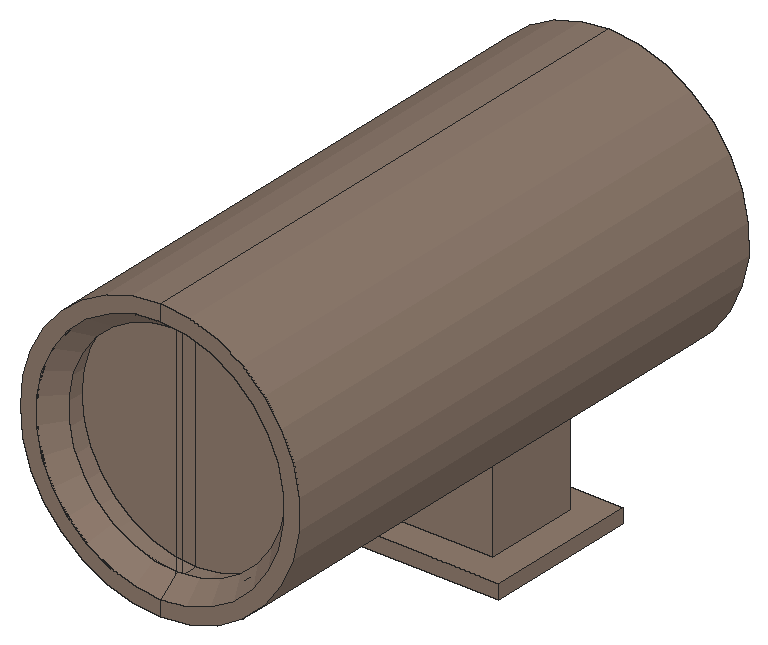
Revit family "LCC8LED-Wall Mount", category Lighting Fixtures, host Face, Revit 2012
Parameters (values of type "LCC8LED-Bronze")
  Wattage Comments = "40W"
  Voltage = 120 V
  URL = "http://www.prescolite.com/"
  Product Page URL = ""
  Product Documentation Link = ""
  Photometric Web = Web LCC8LED : LCC8LEDS24L35K8WFL45
  Model = "LCC8LED"  # constant formula
  Manufacturer Phone = "864-678-1000"  # constant formula
  Manufacturer Fax = "866-898-0131"  # constant formula
  Manufacturer = "Prescolite"  # constant formula
  Load Classification = Lighting
  Lamp = "LED Lamp"
  Glass = Hubbell - White Glass
  Description = "8in LED Wall Mount Cylinder"  # constant formula
  Default Elevation = 48.000"
  Backbox = Hubbell - Bronze
  Apparent Load = 0 VA
Types (5): name | Photometric Web | Backbox
  LCC8LED-Matte White | Web LCC8LED : LCC8LEDS10L30K8WFL45 | Hubbell - Matt White
  LCC8LED-Matte Black | Web LCC8LED : LCC8LEDS18L30K8WFL45 | Hubbell - Matte Black
  LCC8LED-Bronze | Web LCC8LED : LCC8LEDS24L35K8WFL45 | Hubbell - Bronze
  LCC8LED-Brushed Aluminium | Web LCC8LED : LCC8LEDS10L30K8WFL45 | Hubbell - Brushed Aluminum
  LCC8LED-Zet | Web LCC8LED : LCC8LEDS10L30K8WFL45 | Hubbell - Zet
Reference planes (in)
  plane 1 "Center (Front/Back)": y = 0.03999
  plane 2: z = 0
  plane 3 "Center (Left/Right)": x = -11.37583
  plane 4: x = -7.31335
  plane 5: x = -14.00083
  plane 6: x = -8.75083
  plane 7: x = -15.43832
Lines and regions (in)
  reference lines
    curve 1: line (-17.26819, 0.03999, 0.29316) -> (-4.45571, 0.03999, 0.29316)
    curve 2: line (-17.26819, 0.03999, 1.1426) -> (-4.45571, 0.03999, 1.1426)
Dimensions and locks (in)
  equal spacing: plane 6, plane 3 "Center (Left/Right)", plane 5
  plane 6 to plane 5 = 5.250"
  plane 7 to plane 4 = 8.12497"
  aligned and locked: host face to plane 2
  aligned and locked: level to host face
  aligned and locked: plane 3 "Center (Left/Right)" to nested 1
  aligned and locked: plane 1 "Center (Front/Back)" to nested 1
Automatic sketch dimensions
  host sketch curve to host sketch curve = 86.64098"
  host sketch curve to host sketch curve = 96.000"
  level to curve 2 = 1.1426"
  level to curve 1 = 0.29316"
  curve 2 to curve 1 = 0.000"  (x2)
  plane 4 to curve 2 = 2.85764"
  plane 7 to curve 1 = 1.82987"
Nested families (in)
  nested 1: "LCC6LED-W" at (-6.07432, 0, 0), type "LCC8LED-W"
  nested 2: "Web LCC8LED" at (-11.41582, -10.98862, 7.01104) x (0, 0, -1) z (0, -1, 0), type <- "Photometric Web", type "LCC8LEDS24L35K8WFL45"
Connectors (in)
  electrical at (-11.37583, 0.03999, 0), driven by "Voltage", driven by "Load Classification", driven by "Apparent Load"
    settings: on nested 1, index 1, voltage 120 V, apparent load 0 VA, apparent load phase1 0 VA, apparent load phase2 0 VA, apparent load phase3 0 VA, power factor 1, load classification "Lighting", number of poles 1, system type 30, power factor state 1, is connector primary yes, connector utility no, sub classification motor no, connector description "Lighting Connector"
Definition of nested family "LCC6LED-W"
  Parameters (values of type "LCC8LED-W")
    Wattage Comments = ""
    Voltage = if(Is 120V, 120 V, 277 V)  # 120 V
    URL = ""
    Product Page URL = ""
    Product Documentation Link = ""
    Model = ""
    Manufacturer Phone = ""
    Manufacturer Fax = ""
    Manufacturer = ""
    Load Classification = Lighting
    Lamp = ""
    Is 277V = not(Is 120V)  # no
    Is 120V = yes
    Glass = none
    Description = ""
    Default Elevation = 48.000"
    Backbox = none
    Apparent Load = 0 VA
  Reference planes (in)
    plane 1 "Center (Front/Back)": y = 0.03999
    plane 2: z = 0
    plane 3 "Center (Left/Right)": x = -5.30151
    plane 4: y = -2.21001
    plane 5: y = 2.28999
    plane 6: z = 0.4375
    plane 7: z = 2.875
    plane 8: z = 5.875
    plane 9: x = -7.61401
    plane 10: x = -2.98901
    plane 11: y = 3.66499
    plane 12: y = -11.58501
    plane 13: y = 4.66499
    plane 14: z = 6.9375
  Forms (in)
    Extrusion 1, solid
      sketch origin (-7.08271, 0, 0.99853) x (1, 0, 0) y (0, 1, 0)
        loop
          line (-48, 48) -> (-48, -48) -> (48, -48) -> (48, 48) -> (-48, 48)
      from -0.99853 to -17.74365
    Sweep 2, solid, material <- "Backbox"
      path origin (0, 0, 0) x (1, 0, 0) y (0, 1, 0)
        loop
          line (-7.61401, 2.28999) -> (-7.61401, -2.21001) -> (-2.98901, -2.21001) -> (-2.98901, 2.28999) -> (-7.61401, 2.28999)
      profile origin (-5.30151, 2.28999, 0) x (0, 1, 0) y (0, 0, 1)
        loop
          line (0, 0.4375) -> (-0.86619, 0.4375) -> (-0.86619, 3.97391) -> (-0.96619, 3.97391) -> (-0.96619, 0.3375) -> (-0.1, 0.3375) -> (-0.1, 0) -> (0, 0) -> (0, 0.4375)
    Revolve 3, solid, material <- "Backbox"
      sketch origin (-5.30151, -5.26152, 0) x (0, -1, 0) y (0, 0, 1)
        loop
          line (-9.92651, 2.875) -> (6.32349, 2.875) -> (6.32349, 3.32797) -> (5.7271, 3.77739) -> (5.7271, 3.60664) -> (5.02603, 3.60664) -> (5.02603, 6.9375) -> (-9.92651, 6.9375) -> (-9.92651, 2.875)
        axis (-9.92651, 6.9375) -> (6.32349, 6.9375)
      angle from 0 to 360
    Revolve 4, solid, material <- "Glass"
      sketch origin (-5.30151, -5.44239, 0) x (0, -1, 0) y (0, 0, 1)
        loop
          line (5.32752, 3.58756) -> (5.54623, 3.58756) -> (5.54623, 6.9375) -> (5.32752, 6.9375) -> (5.32752, 3.58756)
        axis (5.32752, 6.9375) -> (5.54623, 6.9375)
      angle from 0 to 360
  Cuts and joins
    joined: Sweep 2, Revolve 3
  Dimensions and locks (in)
    equal spacing: plane 5, plane 1 "Center (Front/Back)", plane 4
    locked: plane 5 to plane 4 at 4.5
    locked: plane 6 to Extrusion 1 at 0.4375
    locked: plane 7 to Extrusion 1 at 2.875
    locked: plane 8 to plane 7 at 3
    locked: Sweep 2 sketch curve to Sweep 2 sketch curve at 3.63641
    locked: Sweep 2 sketch curve to Sweep 2 sketch curve at 0.96619
    locked: Sweep 2 sketch curve to Sweep 2 sketch curve at 0.1
    plane 4 to Sweep 2 sketch curve to Sweep 2 sketch curve = 3.53381", 0.100" locked
    locked: Revolve 4 sketch curve to cut or joined group of Sweep 2, Revolve 3 at 0.21871
    Revolve 4 sketch curve to Revolve 4 sketch curve = 3.34994"
    plane 14 to plane 7 = 4.0625"
    plane 13 to plane 12 = 16.250"
    aligned and locked: plane 2 to Extrusion 1
    aligned and locked: level to Extrusion 1
    aligned and locked: plane 5 to Sweep 2 sketch curve
    aligned and locked: plane 9 to Sweep 2 sketch curve
    aligned and locked: Sweep 2 sketch curve to plane 4
    aligned and locked: Sweep 2 sketch curve to plane 10
    aligned and locked: plane 2 to Sweep 2 sketch curve
    aligned and locked: plane 6 to Sweep 2 sketch curve
    aligned and locked: Revolve 3 sketch curve to plane 14  (x2)
    aligned and locked: Revolve 3 sketch curve to plane 13
    aligned and locked: Revolve 4 sketch curve to Revolve 4 sketch curve
    aligned and locked: Revolve 4 sketch curve to plane 14
  Automatic sketch dimensions
    Extrusion 1 sketch curve to Extrusion 1 sketch curve = 96.000"  (x2)
    Sweep 2 sketch curve to Sweep 2 sketch curve = 0.100"
    plane 8 to Revolve 4 sketch curve = 1.0625"
    Revolve 4 sketch curve to Revolve 4 sketch curve = 0.21871"
    Revolve 4 sketch curve to Revolve 4 sketch curve = 3.41462"
    Revolve 4 sketch curve to Revolve 4 sketch curve = 1.61667"
    plane 7 to Revolve 4 sketch curve = 0.71256"
    Revolve 3 sketch curve to plane 7 = 0.000"
    Revolve 3 sketch curve to plane 12 = 0.000"
    plane 11 to Revolve 3 sketch curve = 0.13002"
    plane 4 to Revolve 3 sketch curve = 3.13002"
    Revolve 3 sketch curve to plane 12 = 1.29746"
    Revolve 3 sketch curve to plane 12 = 0.59639"
    plane 7 to Revolve 3 sketch curve = 0.45297"
    Revolve 3 sketch curve to Revolve 3 sketch curve = 0.27867"
    Revolve 3 sketch curve to Revolve 3 sketch curve = 0.17075"
Definition of nested family "Web LCC8LED"
  Parameters (values of type "LCC8LEDS18L30K8WFL45")
    Wattage Comments = ""
    Wattage = 22 W
    built-in parameter 1150110 = 1 (stored number, unit not read)
    URL = ""
    built-in parameter 1114217 = 1 (stored number, unit not read)
    Tilt Angle = -90.00°
    built-in parameter 1150109 = 1 (stored number, unit not read)
    built-in parameter 1150134 = (empty or 0)
    built-in parameter 1150113 = 1 (stored number, unit not read)
    Product Page URL = ""
    Product Documentation Link = ""
    Photometric Web File = "LCC8LEDS18L30K8WFL45.ies"
    built-in parameter 1150142 = "IESNA:LM-63-2002\r\n[TEST]16.02948\r\n[TESTLAB]HLI 6  RM 1167\r\n[ISSUEDATE]11/02/16\r\n[MANUFAC]PRESCOLITE\r\n[LUMCAT]LCC8LEDS18L30K8WFL45\r\n[LUMINAIRE]8” LED Cylinder, 3000K, 80+CRI, 3 SCDM\r\n[LAMPCAT]NFSL757GT-V1\r\n[LAMP]54-3000K NICHIA LEDs\r\n[BALLASTCAT]OT25W\r\n[BALLAST]1-Osram\r\n[_MOUNTING]Surface\r\n[_ABSOLUTE]NOTE: DATA SHOWN IS ABSOLUTE FOR THE SAMPLE PROVIDED.\r\n[_ABSOLUTELUMENS]1869\r\nTILT=NONE\r\n1 -1 1 37 1 1  1 -0.666667 -0.666667 0.000000\r\n1.000 1 22.0\r\n0 2.5 5 7.5 10 12.5 15 17.5 20 22.5 25 27.5 30 32.5 35 37.5 40 42.5 45 47.5 50 \r\n 52.5 55 57.5 60 62.5 65 67.5 70 72.5 75 77.5 80 82.5 85 87.5 90 \r\n0 \r\n1204 1198 1186 1162 1142 1166 1183 1166 1158 1191 1206 1162 1165 1188 1096 886 \r\n 624 435 285 164 66 17 7 5 4 3 2 2 2 1 1 1 1 0 0 0 0 \r\n"
    Model = ""
    Manufacturer Phone = ""
    Manufacturer Fax = ""
    Manufacturer = ""
    built-in parameter 1150105 = 142.24 (stored number, unit not read)
    Lumens = 1787.5 lm
    built-in parameter 1150115 = 1 (stored number, unit not read)
    built-in parameter 1150137 = (empty or 0)
    built-in parameter 1150139 = (empty or 0)
    built-in parameter 1150112 = 1 (stored number, unit not read)
    built-in parameter 1150114 = 1 (stored number, unit not read)
    Lamp = ""
    built-in parameter 1150132 = (empty or 0)
    built-in parameter 1150102 = (empty or 0)
    built-in parameter 1150107 = 3000 (stored number, unit not read)
    built-in parameter 1150138 = (empty or 0)
    built-in parameter 1150106 = 1.4224 (stored number, unit not read)
    Emit from Circle Diameter = 7.000"  # constant formula
    Emit Shape Visible in Rendering = no
    built-in parameter 1150104 = 7.5484 (stored number, unit not read)
    Dimming Lamp Color Temperature Shift = (empty or 0)
    Description = ""
    Default Elevation = 48.000"
    Color Filter = 16777215
    built-in parameter 1114218 = 1 (stored number, unit not read)
    built-in parameter 1150133 = 10 (stored number, unit not read)
  Types (5): name | Wattage | Photometric Web File | built-in parameter 1150142 | built-in parameter 1150105 | Lumens | built-in parameter 1150106
    LCC8LEDS10L30K8WFL45 | 13.3 W | "LCC8LEDS10L30K8WFL45.ies" | "IESNA:LM-63-2002\r\n[TEST]16.02946\r\n[TESTLAB]HLI 6  RM 1167\r\n[ISSUEDATE]11/02/16\r\n[MANUFAC]PRESCOLITE\r\n[LUMCAT]LCC8LEDS10L30K8WFL45\r\n[LUMINAIRE]8” LED Cylinder, 3000K, 80+CRI, 3 SCDM\r\n[LAMPCAT]NFSL757GT-V1\r\n[LAMP]30-3000K NICHIA LEDs\r\n[BALLASTCAT]OT25W\r\n[BALLAST]1-Osram\r\n[_MOUNTING]Surface\r\n[_ABSOLUTE]NOTE: DATA SHOWN IS ABSOLUTE FOR THE SAMPLE PROVIDED.\r\n[_ABSOLUTELUMENS]1071\r\nTILT=NONE\r\n1 -1 1 37 1 1  1 -0.666667 -0.666667 0.000000\r\n1.000 1 13.3\r\n0 2.5 5 7.5 10 12.5 15 17.5 20 22.5 25 27.5 30 32.5 35 37.5 40 42.5 45 47.5 50 \r\n 52.5 55 57.5 60 62.5 65 67.5 70 72.5 75 77.5 80 82.5 85 87.5 90 \r\n0 \r\n680 676 669 656 647 662 666 659 667 700 712 692 702 710 635 493 333 225 153 91 \r\n 37 10 3 2 2 2 1 1 1 1 1 0 0 0 0 0 0 \r\n" | 85.993 (stored number, unit not read) | 1080.62 lm | 0.85993 (stored number, unit not read)
    LCC8LEDS14L30K8WFL45 | 17.7 W | "LCC8LEDS14L30K8WFL45.ies" | "IESNA:LM-63-2002\r\n[TEST]16.02947\r\n[TESTLAB]HLI 6  RM 1167\r\n[ISSUEDATE]11/02/16\r\n[MANUFAC]PRESCOLITE\r\n[LUMCAT]LCC8LEDS14L30K8WFL45\r\n[LUMINAIRE]8” LED Cylinder, 3000K, 80+CRI, 3 SCDM\r\n[LAMPCAT]NFSL757GT-V1\r\n[LAMP]42-3000K NICHIA LEDs\r\n[BALLASTCAT]OT25W\r\n[BALLAST]1-Osram                         \r\n[_MOUNTING]Surface\r\n[_ABSOLUTE]NOTE: DATA SHOWN IS ABSOLUTE FOR THE SAMPLE PROVIDED.\r\n[_ABSOLUTELUMENS]1470\r\nTILT=NONE\r\n1 -1 1 37 1 1  1 -0.666667 -0.666667 0.000000\r\n1.000 1 17.7\r\n0 2.5 5 7.5 10 12.5 15 17.5 20 22.5 25 27.5 30 32.5 35 37.5 40 42.5 45 47.5 50 \r\n 52.5 55 57.5 60 62.5 65 67.5 70 72.5 75 77.5 80 82.5 85 87.5 90 \r\n0 \r\n934 928 916 900 887 908 919 906 907 940 948 913 917 946 874 698 485 334 229 \r\n 135 55 14 4 3 3 2 2 2 1 1 1 1 0 0 0 0 0 \r\n" | 114.44 (stored number, unit not read) | 1438.12 lm | 1.1444 (stored number, unit not read)
    LCC8LEDS18L30K8WFL45 | 22 W | "LCC8LEDS18L30K8WFL45.ies" | "IESNA:LM-63-2002\r\n[TEST]16.02948\r\n[TESTLAB]HLI 6  RM 1167\r\n[ISSUEDATE]11/02/16\r\n[MANUFAC]PRESCOLITE\r\n[LUMCAT]LCC8LEDS18L30K8WFL45\r\n[LUMINAIRE]8” LED Cylinder, 3000K, 80+CRI, 3 SCDM\r\n[LAMPCAT]NFSL757GT-V1\r\n[LAMP]54-3000K NICHIA LEDs\r\n[BALLASTCAT]OT25W\r\n[BALLAST]1-Osram\r\n[_MOUNTING]Surface\r\n[_ABSOLUTE]NOTE: DATA SHOWN IS ABSOLUTE FOR THE SAMPLE PROVIDED.\r\n[_ABSOLUTELUMENS]1869\r\nTILT=NONE\r\n1 -1 1 37 1 1  1 -0.666667 -0.666667 0.000000\r\n1.000 1 22.0\r\n0 2.5 5 7.5 10 12.5 15 17.5 20 22.5 25 27.5 30 32.5 35 37.5 40 42.5 45 47.5 50 \r\n 52.5 55 57.5 60 62.5 65 67.5 70 72.5 75 77.5 80 82.5 85 87.5 90 \r\n0 \r\n1204 1198 1186 1162 1142 1166 1183 1166 1158 1191 1206 1162 1165 1188 1096 886 \r\n 624 435 285 164 66 17 7 5 4 3 2 2 2 1 1 1 1 0 0 0 0 \r\n" | 142.24 (stored number, unit not read) | 1787.5 lm | 1.4224 (stored number, unit not read)
    LCC8LEDS24L35K8WFL45 | 33 W | "LCC8LEDS24L35K8WFL45.ies" | "IESNA:LM-63-2002\r\n[TEST]16.02699\r\n[TESTLAB]HLI 6  RM 1167\r\n[ISSUEDATE]10/06/16\r\n[MANUFAC]PRESCOLITE\r\n[LUMCAT]LCC8LEDS24L35K8WFL45\r\n[LUMINAIRE]8\" LED Cylinder, 3500K, 80+CRI, 3 SCDM\r\n[LAMPCAT]NF2L757DRT-V1\r\n[LAMP]42 Nichia 3500K LEDs\r\n[BALLASTCAT]OT40W\r\n[BALLAST]1 - Osram\r\n[_MOUNTING]Surface\r\n[_ABSOLUTE]NOTE: DATA SHOWN IS ABSOLUTE FOR THE SAMPLE PROVIDED.\r\n[_ABSOLUTELUMENS]2523\r\nTILT=NONE\r\n1 -1 1 37 1 1  1 -0.666667 -0.666667 0.000000\r\n1.000 1 33.0\r\n0 2.5 5 7.5 10 12.5 15 17.5 20 22.5 25 27.5 30 32.5 35 37.5 40 42.5 45 47.5 50 \r\n 52.5 55 57.5 60 62.5 65 67.5 70 72.5 75 77.5 80 82.5 85 87.5 90 \r\n0 \r\n1609 1591 1569 1540 1528 1579 1592 1576 1597 1671 1673 1609 1612 1638 1497 \r\n 1144 780 534 371 212 82 21 12 9 7 6 5 4 3 3 2 2 1 1 0 0 0 \r\n" | 213.37 (stored number, unit not read) | 2681.25 lm | 2.1337 (stored number, unit not read)
    LCC8LEDV2S30L35K8WFL45 | 42 W | "LCC8LEDV2S30L35K8WFL45.ies" | "IESNA:LM-63-2002\r\n[TEST]16.02507\r\n[TESTLAB]HLI 1  RM 1166\r\n[ISSUEDATE]09/14/16\r\n[MANUFAC]PRESCOLITE\r\n[LUMCAT]LCC8LEDV2S30L35K8WFL45\r\n[LUMINAIRE]8\" LED Cylinder, 3500K, 80+CRI, 3 SCDM\r\n[LAMPCAT]NF2L757DRT-V1\r\n[LAMP]54 Nichia 3500K LEDs\r\n[BALLASTCAT]OT40W\r\n[BALLAST]1 - Osram\r\n[_MOUNTING]Surface\r\n[_ABSOLUTE]NOTE: DATA SHOWN IS ABSOLUTE FOR THE SAMPLE PROVIDED.\r\n[_ABSOLUTELUMENS]3055\r\nTILT=NONE\r\n1 -1 1 37 5 1  1 -0.645833 -0.645833 0.000000\r\n1.000 1 41.8\r\n0 2.5 5 7.5 10 12.5 15 17.5 20 22.5 25 27.5 30 32.5 35 37.5 40 42.5 45 47.5 50 \r\n 52.5 55 57.5 60 62.5 65 67.5 70 72.5 75 77.5 80 82.5 85 87.5 90 \r\n0 22.5 45 67.5 90 \r\n1988 1949 1910 1879 1876 1938 1952 1927 1942 2006 2000 1942 1969 1999 1797 \r\n 1386 975 666 453 248 88 24 13 10 8 6 5 4 4 3 2 2 1 1 0 0 0 \r\n1988 1950 1914 1881 1876 1933 1951 1927 1940 2008 2004 1927 1927 1972 1810 \r\n 1409 986 665 457 262 94 26 13 10 8 6 5 4 4 3 3 2 1 1 0 0 0 \r\n1988 1951 1915 1882 1879 1936 1951 1928 1946 2022 2012 1930 1933 1948 1791 \r\n 1394 970 658 452 254 97 24 13 10 8 6 5 4 4 3 2 2 1 1 0 0 0 \r\n1988 1956 1920 1884 1880 1939 1954 1931 1946 2026 2019 1946 1961 1973 1795 \r\n 1385 963 659 447 250 95 23 12 9 7 6 5 4 3 3 2 2 1 1 0 0 0 \r\n1988 1955 1918 1885 1881 1946 1955 1930 1951 2023 2010 1941 1976 1962 1752 \r\n 1329 956 638 412 228 85 20 11 9 7 6 5 4 3 3 2 2 1 1 0 0 0 \r\n" | 271.56 (stored number, unit not read) | 3412.5 lm | 2.7156 (stored number, unit not read)
  Reference planes (in)
    plane 1 "Center (Front/Back)": y = 0.03999
    plane 2: z = 0
    plane 3 "Center (Left/Right)": x = -0.23896
  Forms (in)
    Extrusion 1, solid
      sketch origin (0, 0, 0.06357) x (1, 0, 0) y (0, 1, 0)
        loop
          line (-48, 48) -> (-48, -48) -> (48, -48) -> (48, 48) -> (-48, 48)
      from -0.06357 to -6.06357
  Lines and regions (in)
    reference lines
      curve 1: line (-0.23896, 0.03999, 18.11448) -> (-0.23896, 0.03999, -22.88552)
      curve 2: line (-0.23896, 0.03999, 34) -> (-0.23896, 0.03999, -22.88552)
      curve 3: line (-0.23896, 29.03999, 0) -> (-0.23896, -29.96001, 0)
      curve 4: line (-37.23896, 0.03999, 0) -> (40.76104, 0.03999, 0)
  Dimensions and locks (in)
    aligned and locked: plane 2 to Extrusion 1
    aligned and locked: level to Extrusion 1
    aligned and locked: plane 3 "Center (Left/Right)" to imposter light
    aligned and locked: imposter light to plane 1 "Center (Front/Back)"
    aligned and locked: curve 1 to plane 3 "Center (Left/Right)"
    aligned and locked: plane 1 "Center (Front/Back)" to curve 2
    aligned and locked: curve 3 to plane 3 "Center (Left/Right)"
    aligned and locked: plane 1 "Center (Front/Back)" to curve 4
